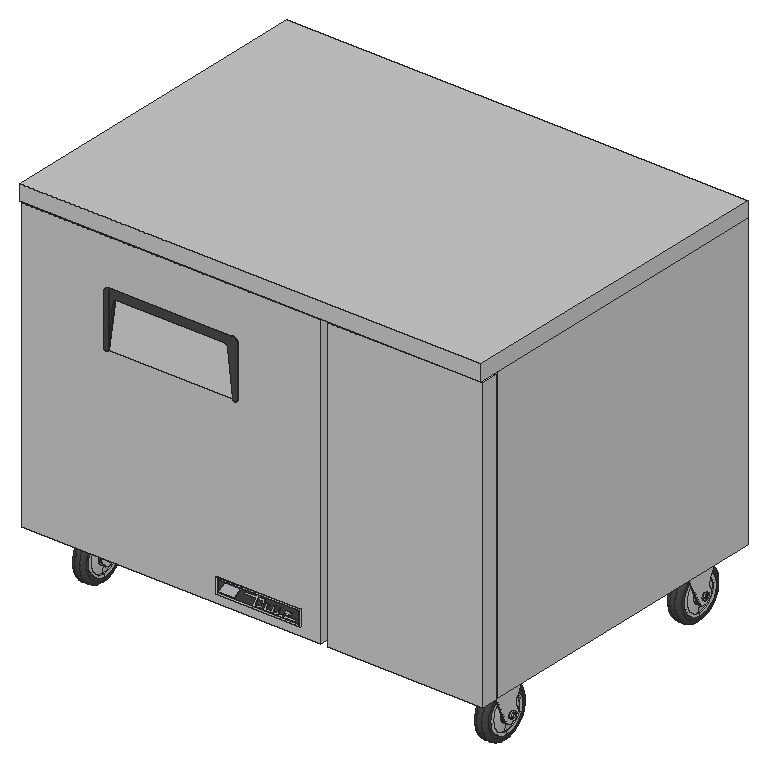
Revit family "QF_TRUE_TUC-44-HC", category Specialty Equipment, Revit 2016
Family settings
  Part Type = Normal
  Round Connector Dimension = Use Diameter
  Work Plane-Based = No
  Always vertical = Yes
  Cut with Voids When Loaded = No
  Shared = Yes
  Room Calculation Point = No
Parameters
  Weight in Pounds = 270
  Watts = FL Amps * Volts  # 195.5 W
  Volts = 115 V
  URL Manufacturer = "www.truemfg.com"
  URL = "www.truemfg.com"
  Type Mark [instance] = ""
  Status [instance] = ""
  Show Seismic Flanged [instance] = no
  Show Legs [instance] = no
  Seismic Flanged [instance] = and(not(Show Casters), Show Seismic Flanged)  # no
  Length = 44 1/2"
  Legs [instance] = and(not(Show Casters), or(Show Legs, Show Seismic Flanged))  # no
  Specification by User [instance] = ""
  Specification by Manufacturer = ""
  Show Logo [instance] = yes
  Show Clearance [instance] = yes
  Show Casters [instance] = and(not(Show Seismic Flanged), not(Show Legs))  # yes
  Serial Number = ""
  Seismic Rating = ""
  SMACNA No = ""
  Revision Code [instance] = ""
  Phase = 1
  Omniclass Number and Title = ""
  Number of Poles [instance] = 1
  NAFEM Spec ID Number = ""
  Model = "TUC-44-HC"
  Min Ckt Ampacity = 0 A
  Max Overcurrent Protection = 0 A
  MasterSpec. = ""
  Manufacturer = "TRUE"
  Item Number [instance] = ""
  Installed By [instance] = ""
  Identify Quantity as Lot [instance] = yes
  Height = 35 15/16"
  HP = "1/10"
  Furnished By [instance] = ""
  Foodservice Equipment Identifier [instance] = yes
  FL Amps = 1.7 A
  Electrical Remarks = ""
  Electric Connection Type [instance] = ""
  Elec Conn RI Height [instance] = 0"
  Elec Conn Connection Height [instance] = 0"
  Description = "SOLID DOOR REFRIGERATOR WITH HYDROCARBON REFRIGERANT"
  Depth = 32 1/4"
  Cycle = 60 Hz
  Conn Plug = "NEMA 5-15P"
  Conn Conduit = yes
  CSI MasterFormat = ""
  CSI Master Format = ""
  Base Height [instance] = if(Show Casters, 6 3/16", if(Legs, 6", 6 1/4"))  # 6 3/16"
  Apparent Power = if(Phase = 3, Volts * FL Amps * 1.73, Volts * FL Amps)  # 195.5 VA
Reference planes (in)
  plane 1 "BACK": y = -16.5
  plane 2: z = 0
  plane 3 "LEFT": x = 0
  plane 4 "RIGHT": x = 44.5
  plane 5 "FRONT": y = -51.25
  plane 6 "TOP": z = 35.9375
  plane 7: z = 6.1875
  plane 8: y = -69.375
  plane 9: y = -49.75
  plane 10: y = -17.5
  plane 11: y = -21.74082
  plane 12: x = 22.25
Dimensions and locks (in)
  "Length": plane 3 "LEFT" to plane 4 "RIGHT"
  plane 4 "RIGHT" to plane 3 "LEFT" = 44 1/2"
  plane 5 "FRONT" to plane 1 "BACK" = 34 3/4"  (x2)
  plane 1 "BACK" to plane 8 = 52 7/8"
  locked: plane 9 to plane 5 "FRONT" at 1.5
  "Depth": plane 10 to plane 9
  "Base Height": plane 7 to level
  locked: plane 6 "TOP" to plane 7 at 29.75
  plane 6 "TOP" to level = 35 15/16"
  equal spacing: plane 3 "LEFT", plane 12, plane 4 "RIGHT"
  aligned and locked: level to plane 2
  aligned and locked: plane 3 "LEFT" to nested 1  (x2)
  aligned and locked: plane 7 to nested 1
  aligned and locked: nested 1 to plane 7
Nested families (in)
  nested 1: "TUC-44-HC" at (0, 0, 2.1875), Show Logo <- "Show Logo", Show Clearance <- "Show Clearance", type "TUC-44-HC"
    with Show Logo yes, Show Clearance yes
  nested 2: "CASTERS" at (2.84375, -21.74082, 0), Show 6" Casters <- "Show Casters", type "CASTERS"
    with Type Mark "", Status "", Specification by User "", Show 6" Casters yes, Revision Code "", Item Number "", Installed By "", Identify Quantity as Lot yes, Furnished By "", Foodservice Equipment Identifier yes
  nested 3: "CASTERS" at (2.84375, -45.06531, 0), Show 6" Casters <- "Show Casters", type "CASTERS"
    with Type Mark "", Status "", Specification by User "", Show 6" Casters yes, Revision Code "", Item Number "", Installed By "", Identify Quantity as Lot yes, Furnished By "", Foodservice Equipment Identifier yes
  nested 4: "CASTERS" at (41.65625, -21.74082, 0), Show 6" Casters <- "Show Casters", type "CASTERS"
    with Type Mark "", Status "", Specification by User "", Show 6" Casters yes, Revision Code "", Item Number "", Installed By "", Identify Quantity as Lot yes, Furnished By "", Foodservice Equipment Identifier yes
  nested 5: "CASTERS" at (41.65625, -45.06531, 0), Show 6" Casters <- "Show Casters", type "CASTERS"
    with Type Mark "", Status "", Specification by User "", Show 6" Casters yes, Revision Code "", Item Number "", Installed By "", Identify Quantity as Lot yes, Furnished By "", Foodservice Equipment Identifier yes
  nested 6: "CASTERS & LEGS" at (2.84375, -21.74082, 0), Seismic Plate <- "Seismic Flanged", Legs <- "Legs", type "CASTERS & LEGS"
    with Type Mark "", Status "", Specification by User "", Seismic Plate no, Revision Code "", Legs no, Item Number "", Installed By "", Identify Quantity as Lot yes, Furnished By "", Foodservice Equipment Identifier yes
  nested 7: "CASTERS & LEGS" at (41.65625, -21.74082, 0), Seismic Plate <- "Seismic Flanged", Legs <- "Legs", type "CASTERS & LEGS"
    with Type Mark "", Status "", Specification by User "", Seismic Plate no, Revision Code "", Legs no, Item Number "", Installed By "", Identify Quantity as Lot yes, Furnished By "", Foodservice Equipment Identifier yes
  nested 8: "CASTERS & LEGS" at (41.65625, -45.06531, 0), Seismic Plate <- "Seismic Flanged", Legs <- "Legs", type "CASTERS & LEGS"
    with Type Mark "", Status "", Specification by User "", Seismic Plate no, Revision Code "", Legs no, Item Number "", Installed By "", Identify Quantity as Lot yes, Furnished By "", Foodservice Equipment Identifier yes
  nested 9: "CASTERS & LEGS" at (2.85404, -45.06531, 0), Seismic Plate <- "Seismic Flanged", Legs <- "Legs", type "CASTERS & LEGS"
    with Type Mark "", Status "", Specification by User "", Seismic Plate no, Revision Code "", Legs no, Item Number "", Installed By "", Identify Quantity as Lot yes, Furnished By "", Foodservice Equipment Identifier yes
Connectors (in)
  electrical at (41.00321, -17.5, 11.9375), driven by "Volts", driven by "Watts"
    settings: on nested 1, index 1, voltage 115 V, apparent load 195.5 VA, apparent load phase1 0 VA, apparent load phase2 0 VA, apparent load phase3 0 VA, power factor 1, load classification "Other", number of poles 1, system type 30, power factor state 1, is connector primary yes, connector utility no, sub classification motor no, connector description "ELECTRICAL CONNECTION"
Definition of nested family "TUC-44-HC"
  Parameters (values of type "TUC-44-SPEC1")
    URL = ""
    Show Logo [instance] = yes
    Show Clearance [instance] = yes
    Model = ""
    Manufacturer = ""
    Description = ""
    Assembly Code = ""
  Reference planes (in)
    plane 1 "BACK": y = -16.5
    plane 2: z = 0
    plane 3 "LEFT": x = 0
    plane 4 "RIGHT": x = 44.5
    plane 5 "FRONT": y = -51.25
    plane 6 "TOP": z = 33.75
    plane 7: z = 4
    plane 8: y = -41.06531
    plane 9: x = 22.25
    plane 10: z = 27.63
    plane 11: z = 22.15093
    plane 12: y = -49.6875
    plane 13: x = 14.45727
  Forms (in)
    Extrusion 1, solid
      sketch origin (0, -1, -2.25) x (0, 1, 0) y (0, 0, 1)
        loop
          line (-48.6875, 36) -> (-48.6875, 34.5) -> (-16.5, 34.5) -> (-16.5, 36) -> (-48.6875, 36)
      from 0 to 44.5
    Extrusion 2, solid
      sketch origin (0, -1, -2.25) x (0, 1, 0) y (0, 0, 1)
        loop
          line (-46.62, 34.5) -> (-46.62, 6.25) -> (-16.5, 6.25) -> (-16.5, 34.5) -> (-46.62, 34.5)
      from 0 to 44.5
    Extrusion 3, solid
      sketch origin (10.5, -16.5, -2.25) x (1, 0, 0) y (0, 0, 1)
        loop
          line (-10.5, 34.28323) -> (-10.5, 6.25) -> (18.41455, 6.25) -> (18.41455, 34.28323) -> (-10.5, 34.28323)
      from 31.44201 to 33
    Extrusion 4, solid
      sketch origin (0, 2.875, -2.25) x (0, 1, 0) y (0, 0, 1)
        loop
          line (-50.81701, 33.8406) -> (-50.81701, 6.82675) -> (-50.495, 6.82675) -> (-50.495, 33.8406) -> (-50.81701, 33.8406)
      from 0.5 to 44
    Extrusion 5, solid
      sketch origin (0, -16.5, -2.25) x (1, 0, 0) y (0, 0, 1)
        loop
          line (23.5, 6.25) -> (23.5, 4.375) -> (36.25, 4.375) -> (36.25, 6.25) -> (23.5, 6.25)
      from 1.69409 to 21.69409
    Extrusion 6, solid
      sketch origin (-1.16554, -17.5, -2.25) x (1, 0, 0) y (0, 0, 1)
        loop
          circle (42.16875, 12) r 0.25
      from 0 to 0.0625
    Revolve 7, solid
      sketch origin (0, -16.5155, 21) x (1, 0, 0) y (0, 1, 0)
        loop
          line (38.72703, -0.9845) -> (39.19578, -0.9845) -> (39.19578, 0.0155) -> (38.72703, 0.0155) -> (38.72703, -0.9845)
        axis (38.72703, -0.9845) -> (38.72703, 0.0155)
      angle from 0 to 360
    Revolve 8, solid
      sketch origin (-12.93057, -16.5155, 21) x (1, 0, 0) y (0, 1, 0)
        loop
          line (18.64104, -0.9845) -> (19.10979, -0.9845) -> (19.10979, 0.0155) -> (18.64104, 0.0155) -> (18.64104, -0.9845)
        axis (18.64104, -0.9845) -> (18.64104, 0.0155)
      angle from 0 to 360
    Extrusion 9, solid
      sketch origin (37.875, -16.5, -2.25) x (-1, 0, 0) y (0, 0, -1)
        loop
          line (-6.625, -34.28323) -> (8.34375, -34.28323) -> (8.34375, -6.25) -> (-6.625, -6.25) -> (-6.625, -34.28323)
      from 31.44201 to 33
    Extrusion 10, solid, visible <- "Show Clearance", detail levels coarse
      sketch origin (17.8682, -37.72639, 0) x (-1, 0, 0) y (0, -1, 0)
        loop
          line (17.8682, 11.77361) -> (17.8682, 40.68816)
          arc (17.8682, 40.68816) -> (-2.57748, 32.21929) -> (-11.04635, 11.77361) r 28.91455
          line (-11.04635, 11.77361) -> (17.8682, 11.77361)
      from 4 to 32.03323
    Extrusion 11, void
      sketch origin (14.45727, -16.90709, 48) x (0, -1, 0) y (0, 0, 1)
        loop
          line (32.59291, -20.37) -> (31.52391, -20.37) -> (32.59291, -25.84907) -> (32.59291, -20.37)
      from -6 to 6
    Extrusion 12, solid
      sketch origin (2.45727, -49.5, 0) x (1, 0, 0) y (0, 0, 1)
        loop
          line (5.52833, 27.13) -> (5.52833, 22.36054)
          arc (5.52833, 22.36054) -> (5.74774, 22.11831) -> (6.01044, 22.31274) r 0.24342
          line (6.01044, 22.31274) -> (6.44945, 26.42717)
          arc (6.44945, 26.42717) -> (6.61215, 26.74648) -> (6.94671, 26.87491) r 0.5
          line (6.94671, 26.87491) -> (17.05329, 26.87491)
          arc (17.05329, 26.87491) -> (17.38785, 26.74648) -> (17.55055, 26.42717) r 0.5
          line (17.55055, 26.42717) -> (17.98956, 22.31274)
          arc (17.98956, 22.31274) -> (18.25226, 22.11831) -> (18.47166, 22.36054) r 0.24342
          line (18.47166, 22.36054) -> (18.47166, 27.13)
          arc (18.47166, 27.13) -> (18.32522, 27.48356) -> (17.97166, 27.63) r 0.5
          line (17.97166, 27.63) -> (6.02833, 27.63)
          arc (6.02833, 27.63) -> (5.67478, 27.48356) -> (5.52833, 27.13) r 0.5
      from 0 to 0.0625
  Cuts and joins
    Extrusion 11 cuts Extrusion 3
  Lines and regions (in)
    Split face 1
      outline origin (37.875, -49.5, -2.25) x (-1, 0, 0) y (0, 0, -1)
        loop
          line (7.72481, -20.60657) -> (7.72481, -7.35657) -> (-5.77519, -7.35657) -> (-5.77519, -20.60657) -> (7.72481, -20.60657)
    symbolic lines
      curve 1: line (0, -17.5, 0) -> (44.5, -17.5, 0)
      curve 2: line (44.5, -49.75, 0) -> (0, -49.75, 0)
      curve 3: line (44.5, -17.5, 0) -> (44.5, -49.75, 0)
      curve 4: line (6.17922, -16.5, 0) -> (5.24172, -16.5, 0)
      curve 5: line (6.17922, -16.5, 0) -> (6.17922, -17.5, 0)
      curve 6: line (5.24172, -16.5, 0) -> (5.24172, -17.5, 0)
      curve 7: line (38.25828, -16.5, 0) -> (39.19578, -16.5, 0)
      curve 8: line (38.25828, -16.5, 0) -> (38.25828, -17.5, 0)
      curve 9: line (39.19578, -16.5, 0) -> (39.19578, -17.5, 0)
      curve 10: line (0, -17.5, 0) -> (0, -49.75, 0)
      curve 12: arc (25.04073, -63.95727, 0) -> (27.92931, -56.98364, 0) -> (28.91455, -49.5, 0) r 28.91455
    symbolic lines, visible <- "Show Clearance", detail levels coarse
      curve 11: line (25.04073, -63.95727, 0) -> (0.43301, -49.75, 0)
  Dimensions and locks (in)
    plane 3 "LEFT" to plane 4 "RIGHT" = 44 1/2"
    plane 4 "RIGHT" to plane 3 "LEFT" = 44 1/2"
    plane 6 "TOP" to level = 33 3/4"
    plane 5 "FRONT" to plane 1 "BACK" = 34 3/4"  (x2)
    plane 7 to level = 4"
    plane 6 "TOP" to plane 7 = 29 3/4"
    equal spacing: plane 3 "LEFT", plane 9, plane 4 "RIGHT"
    Extrusion 3 to plane 3 "LEFT" = 0"
    Extrusion 1 to plane 12 = 32 3/16"
    plane 12 to Extrusion 2 = 32 3/16"
    aligned and locked: level to plane 2
    aligned and locked: plane 4 "RIGHT" to Extrusion 1
    aligned and locked: Extrusion 1 to plane 3 "LEFT"
  Automatic sketch dimensions
    curve 10 to plane 3 "LEFT" = 0"
    plane 1 "BACK" to curve 4 = 0"
    plane 1 "BACK" to curve 8 = 0"
    curve 2 to plane 4 "RIGHT" = 0"
    plane 3 "LEFT" to curve 4 = 5.24172"
    curve 4 to curve 5 = 15/16"
    curve 11 to plane 9 = 2.79073"
    curve 8 to plane 4 "RIGHT" = 6.24172"
    curve 7 to curve 7 = 15/16"
    plane 1 "BACK" to curve 10 = 1"
    plane 3 "LEFT" to curve 11 = 0.43301"
    plane 1 "BACK" to Extrusion 1 sketch curve = 1"
    Extrusion 1 sketch curve to plane 6 "TOP" = 1 1/2"
    Extrusion 2 sketch curve to plane 7 = 0"
    plane 1 "BACK" to Extrusion 2 sketch curve = 1"
    Extrusion 2 sketch curve to plane 6 "TOP" = 1 1/2"
    plane 7 to Extrusion 4 sketch curve = 0.57675"
    Extrusion 4 sketch curve to Extrusion 4 sketch curve = 0.32201"
    Extrusion 4 sketch curve to plane 6 "TOP" = 2.1594"
    Extrusion 5 sketch curve to plane 7 = 0"
    Extrusion 5 sketch curve to plane 7 = 1 7/8"
    Extrusion 5 sketch curve to plane 9 = 1 1/4"
    Extrusion 5 sketch curve to plane 9 = 14"
    Extrusion 6 sketch curve to plane 4 "RIGHT" = 3.49679"
    plane 7 to Extrusion 6 sketch curve = 5 3/4"
    plane 1 "BACK" to Revolve 7 sketch curve = 0"  (x2)
    plane 1 "BACK" to Revolve 7 sketch curve = 1"
    Revolve 7 sketch curve to plane 4 "RIGHT" = 5.77297"
    Revolve 7 sketch curve to Revolve 7 sketch curve = 15/32"
    Revolve 7 sketch curve to Revolve 7 sketch curve = 0"
    Revolve 7 sketch curve to plane 1 "BACK" = 1/4"
    plane 1 "BACK" to Revolve 8 sketch curve = 0"
    plane 1 "BACK" to Revolve 8 sketch curve = 1"
    plane 3 "LEFT" to Revolve 8 sketch curve = 5.71047"
    Revolve 8 sketch curve to Revolve 8 sketch curve = 15/32"
    Revolve 8 sketch curve to Revolve 8 sketch curve = 0"
    Revolve 8 sketch curve to Revolve 8 sketch curve = 0.0155"
    Revolve 8 sketch curve to plane 1 "BACK" = 0.2345"
    Extrusion 11 sketch curve to plane 10 = 0"
    Extrusion 11 sketch curve to plane 11 = 0"
    plane 8 to Extrusion 11 sketch curve = 7.36569"
    plane 3 "LEFT" to Extrusion 12 sketch curve = 7.98561"
    Extrusion 12 sketch curve to Extrusion 12 sketch curve = 0.24342"  (x2)
    Extrusion 12 sketch curve to Extrusion 12 sketch curve = 0.23868"  (x2)
    Extrusion 12 sketch curve to Extrusion 12 sketch curve = 1/2"
    Extrusion 12 sketch curve to Extrusion 12 sketch curve = 0.42112"
    Extrusion 12 sketch curve to Extrusion 12 sketch curve = 0.49726"  (x2)
    plane 9 to Extrusion 12 sketch curve = 2.73944"
    Extrusion 12 sketch curve to Extrusion 12 sketch curve = 0.91838"
    Extrusion 12 sketch curve to Extrusion 12 sketch curve = 0.43901"
    Extrusion 12 sketch curve to plane 6 "TOP" = 11.43726"  (x2)
    Extrusion 12 sketch curve to Extrusion 12 sketch curve = 4.06217"  (x2)
    Extrusion 12 sketch curve to Extrusion 12 sketch curve = 0.05226"
    Extrusion 12 sketch curve to Extrusion 12 sketch curve = 0.70283"
    Extrusion 9 sketch curve to plane 4 "RIGHT" = 0"
    Extrusion 9 sketch curve to plane 7 = 0"
    Extrusion 9 sketch curve to plane 6 "TOP" = 1.71677"
    Extrusion 9 sketch curve to plane 9 = 7 9/32"
    Extrusion 3 sketch curve to plane 3 "LEFT" = 0"
    Extrusion 3 sketch curve to plane 7 = 0"
    Extrusion 3 sketch curve to plane 6 "TOP" = 1.71677"
    Extrusion 3 sketch curve to plane 9 = 6.66455"
    Extrusion 10 sketch curve to plane 3 "LEFT" = 0"
    Extrusion 10 sketch curve to plane 9 = 6.66455"
    curve 12 to plane 3 "LEFT" = 0"
    curve 2 to curve 12 = 1/4"
    curve 12 to plane 9 = 6.66455"
    curve 12 to plane 5 "FRONT" = 1 3/4"
    Extrusion 2 sketch curve to plane 5 "FRONT" = 3.63"
    Extrusion 4 sketch curve to plane 5 "FRONT" = 3.30799"
    Extrusion 10 sketch curve to plane 5 "FRONT" = 1 3/4"
    Extrusion 11 sketch curve to plane 5 "FRONT" = 1 3/4"
    Extrusion 1 sketch curve to plane 6 "TOP" = 0"
    Extrusion 1 sketch curve to plane 12 = 0"
    Split face 1 sketch curve to Extrusion 9 = 0.84981"
    Split face 1 sketch curve to Extrusion 9 = 0.61894"
    Split face 1 sketch curve to Extrusion 9 = 13.67666"
    Split face 1 sketch curve to Extrusion 9 = 1.10657"
    radius of Extrusion 6 sketch curve = 1/4"
  Nested families (in)
    nested 1: "QF_LOGO_TRUE" at (18.85205, -49.5, 4.84725), Show Logo <- "Show Logo", type "QF_LOGO_TRUE", detail levels medium+fine
      with Show Logo yes
  Definition of nested family "QF_LOGO_TRUE"
    Parameters (values of type "QF_LOGO_TRUE")
      Show Logo [instance] = yes
    Reference planes (in)
      plane 1 "Center (Front/Back)": y = 0
      plane 2: z = 0
      plane 3 "Center (Left/Right)": x = 0
    Forms (in)
      Extrusion 1, solid, visible <- "Show Logo"
        sketch origin (-78.34647, 34.76905, -30.51001) x (1, 0, 0) y (0, 0, 1)
          loop
            line (81.15226, 31.65456) -> (81.07353, 31.48573) -> (82.12083, 31.48573)
            arc (82.12083, 31.48573) -> (82.14208, 31.44814) -> (82.12083, 31.41055) r 0.04386
            line (82.12083, 31.41055) -> (81.84767, 30.82478)
            arc (81.84767, 30.82478) -> (81.84531, 30.77052) -> (81.882, 30.73048) r 0.07096
            line (81.882, 30.73048) -> (82.55165, 30.73048)
            arc (82.55165, 30.73048) -> (82.63621, 30.75714) -> (82.69019, 30.82748) r 0.14742
            line (82.69019, 30.82748) -> (82.90515, 31.28847) -> (83.10265, 31.28847)
            arc (83.10265, 31.28847) -> (83.15447, 31.26942) -> (83.14697, 31.21472) r 0.04405
            line (83.14697, 31.21472) -> (82.9671, 30.82899)
            arc (82.9671, 30.82899) -> (82.9699, 30.76493) -> (83.02398, 30.73048) r 0.06943
            line (83.02398, 30.73048) -> (83.6124, 30.73048)
            arc (83.6124, 30.73048) -> (83.65748, 30.74689) -> (83.68147, 30.78844) r 0.07014
            arc (83.68147, 30.78844) -> (83.69845, 30.74745) -> (83.73943, 30.73048) r 0.05796
            line (83.73943, 30.73048) -> (84.112, 30.73048)
            arc (84.112, 30.73048) -> (84.15504, 30.74201) -> (84.18655, 30.77352) r 0.08608
            arc (84.18655, 30.77352) -> (84.20164, 30.7371) -> (84.23806, 30.72202) r 0.0515
            line (84.23806, 30.72202) -> (84.76757, 30.72202)
            arc (84.76757, 30.72202) -> (84.81086, 30.73995) -> (84.8288, 30.78324) r 0.06122
            arc (84.8288, 30.78324) -> (84.86848, 30.74355) -> (84.92269, 30.72903) r 0.10842
            line (84.92269, 30.72903) -> (85.91461, 30.72903) -> (86.02479, 30.91987) -> (85.0243, 30.91987)
            arc (85.0243, 30.91987) -> (84.99669, 30.93902) -> (84.99566, 30.97261) r 0.03732
            line (84.99566, 30.97261) -> (85.01297, 31.00972)
            arc (85.01297, 31.00972) -> (85.03954, 31.04453) -> (85.0813, 31.05774) r 0.07263
            line (85.0813, 31.05774) -> (85.40289, 31.05774)
            arc (85.40289, 31.05774) -> (85.4723, 31.07633) -> (85.52311, 31.12715) r 0.13882
            line (85.52311, 31.12715) -> (85.61625, 31.28847)
            arc (85.61625, 31.28847) -> (85.61625, 31.37458) -> (85.54168, 31.41763) r 0.08611
            line (85.54168, 31.41763) -> (85.20227, 31.41763)
            arc (85.20227, 31.41763) -> (85.11574, 31.40294) -> (85.05538, 31.33923) r 0.13863
            line (85.05538, 31.33923) -> (84.89409, 30.99333)
            arc (84.89409, 30.99333) -> (84.84649, 30.9313) -> (84.77191, 30.90778) r 0.13002
            line (84.77191, 30.90778) -> (84.41984, 30.90778)
            arc (84.41984, 30.90778) -> (84.3777, 30.95378) -> (84.38042, 31.0161) r 0.08151
            line (84.38042, 31.0161) -> (84.56766, 31.41763) -> (84.44849, 31.41763) -> (84.25012, 30.99222)
            arc (84.25012, 30.99222) -> (84.21158, 30.94199) -> (84.15119, 30.92296) r 0.10527
            line (84.15119, 30.92296) -> (83.90842, 30.92296)
            arc (83.90842, 30.92296) -> (83.8674, 30.97642) -> (83.87619, 31.04323) r 0.08805
            line (83.87619, 31.04323) -> (84.05078, 31.41763) -> (83.92772, 31.41763) -> (83.72676, 30.98668)
            arc (83.72676, 30.98668) -> (83.68011, 30.94003) -> (83.61639, 30.92296) r 0.12745
            line (83.61639, 30.92296) -> (83.26484, 30.92296)
            arc (83.26484, 30.92296) -> (83.2017, 30.9524) -> (83.19563, 31.0218) r 0.06967
            line (83.19563, 31.0218) -> (83.31118, 31.26961) -> (83.47452, 31.26961)
            arc (83.47452, 31.26961) -> (83.50209, 31.35268) -> (83.56075, 31.41763) r 0.21289
            line (83.56075, 31.41763) -> (82.92244, 31.41763)
            arc (82.92244, 31.41763) -> (82.85151, 31.40191) -> (82.80242, 31.34834) r 0.12081
            line (82.80242, 31.34834) -> (82.6294, 30.9773)
            arc (82.6294, 30.9773) -> (82.58962, 30.93752) -> (82.53528, 30.92296) r 0.10869
            line (82.53528, 30.92296) -> (82.1542, 30.92296)
            arc (82.1542, 30.92296) -> (82.12446, 30.96315) -> (82.13012, 31.01283) r 0.06822
            line (82.13012, 31.01283) -> (82.38156, 31.48573) -> (83.01596, 31.48573) -> (83.09469, 31.65456) -> (82.46029, 31.65456) -> (82.53902, 31.8234) -> (82.31334, 31.8234) -> (82.23461, 31.65456) -> (81.15226, 31.65456)
          loop
            arc (85.15937, 31.26434) -> (85.13191, 31.25698) -> (85.1118, 31.23688) r 0.05494
            line (85.1118, 31.23688) -> (85.09547, 31.18665)
            arc (85.09547, 31.18665) -> (85.10304, 31.16837) -> (85.12133, 31.16079) r 0.02586
            line (85.12133, 31.16079) -> (85.39889, 31.16079)
            arc (85.39889, 31.16079) -> (85.41888, 31.16523) -> (85.43513, 31.1777) r 0.04731
            line (85.43513, 31.1777) -> (85.44863, 31.2402)
            arc (85.44863, 31.2402) -> (85.44466, 31.25693) -> (85.42914, 31.26434) r 0.01994
            line (85.42914, 31.26434) -> (85.15937, 31.26434)
          loop
            line (78.62961, 30.74125) -> (80.12032, 30.74125) -> (80.73891, 31.81268) -> (79.2482, 31.81268) -> (78.62961, 30.74125)
        from 34.76797 to 34.83173
      Extrusion 2, solid, visible <- "Show Logo"
        sketch origin (-142.84857, 34.75108, -33.3546) x (1, 0, 0) y (0, 0, 1)
          loop
            line (150.81107, 34.71978) -> (142.98607, 34.71978) -> (142.98607, 33.4921) -> (150.81107, 33.4921) -> (150.81107, 34.71978)
        from 34.75108 to 34.78125
      Extrusion 3, solid, visible <- "Show Logo"
        sketch origin (-142.84857, 34.75108, -33.3546) x (1, 0, 0) y (0, 0, 1)
          loop
            line (150.94857, 34.85727) -> (142.84857, 34.85727) -> (142.84857, 33.3546) -> (150.94857, 33.3546) -> (150.94857, 34.85727)
          loop
            line (142.98607, 34.71978) -> (142.98607, 33.4921) -> (150.81107, 33.4921) -> (150.81107, 34.71978) -> (142.98607, 34.71978)
        from 34.75108 to 34.81376
      Extrusion 4, solid, not visible
        sketch origin (121.45701, -16.5, 4.98235) x (1, 0, 0) y (0, 0, 1)
          loop
            line (25.20115, 35.89949) -> (25.20115, 33.96647) -> (30.95381, 33.96647) -> (30.95381, 35.89949) -> (25.20115, 35.89949)
        from 31.5 to 31.54261
      Extrusion 5, solid, not visible
        sketch origin (121.45701, -16.5, 4.98235) x (1, 0, 0) y (0, 0, 1)
          loop
            line (26.7387, 34.95472) -> (26.61492, 34.49276) -> (27.038, 34.49276)
            arc (27.038, 34.49276) -> (27.13117, 34.52484) -> (27.18485, 34.60749) r 0.15134
            arc (27.18485, 34.60749) -> (27.20396, 34.68138) -> (27.22435, 34.75493) r 4.37326
            arc (27.22435, 34.75493) -> (27.23458, 34.81765) -> (27.22435, 34.88037) r 0.1974
            arc (27.22435, 34.88037) -> (27.18247, 34.93579) -> (27.11563, 34.95472) r 0.10914
            line (27.11563, 34.95472) -> (26.7387, 34.95472)
          loop
            line (26.90201, 34.80638) -> (26.84645, 34.59903) -> (26.92855, 34.59903)
            arc (26.92855, 34.59903) -> (26.98205, 34.6185) -> (27.01051, 34.6678) r 0.08322
            line (27.01051, 34.6678) -> (27.02399, 34.74424)
            arc (27.02399, 34.74424) -> (27.01491, 34.78454) -> (26.97985, 34.80638) r 0.05353
            line (26.97985, 34.80638) -> (26.90201, 34.80638)
          loop
            line (27.45336, 34.66131) -> (27.76233, 34.66131) -> (27.78859, 34.73909)
            arc (27.78859, 34.73909) -> (27.7878, 34.82039) -> (27.73107, 34.87864) r 0.10925
            arc (27.73107, 34.87864) -> (27.68233, 34.8944) -> (27.63139, 34.89974) r 0.24595
            line (27.63139, 34.89974) -> (27.46708, 34.89974)
            arc (27.46708, 34.89974) -> (27.4068, 34.88073) -> (27.3535, 34.84677) r 0.2421
            arc (27.3535, 34.84677) -> (27.2897, 34.76363) -> (27.26702, 34.66131) r 0.2421
            line (27.26702, 34.66131) -> (27.26702, 34.54477)
            arc (27.26702, 34.54477) -> (27.31618, 34.4956) -> (27.38334, 34.47761) r 0.13431
            line (27.38334, 34.47761) -> (27.59054, 34.47761)
            arc (27.59054, 34.47761) -> (27.63459, 34.48281) -> (27.67622, 34.49812) r 0.18924
            line (27.67622, 34.49812) -> (27.73102, 34.61563)
            arc (27.73102, 34.61563) -> (27.68453, 34.59565) -> (27.63566, 34.58252) r 0.35376
            arc (27.63566, 34.58252) -> (27.55885, 34.56956) -> (27.48204, 34.58252) r 0.23415
            arc (27.48204, 34.58252) -> (27.44492, 34.61362) -> (27.45336, 34.66131) r 0.04838
          loop
            line (27.4842, 34.73042) -> (27.62012, 34.73042) -> (27.62621, 34.76496)
            arc (27.62621, 34.76496) -> (27.58961, 34.80242) -> (27.53739, 34.80638) r 0.0742
            arc (27.53739, 34.80638) -> (27.49747, 34.77773) -> (27.4842, 34.73042) r 0.0742
          loop
            line (27.91616, 34.97572) -> (27.78675, 34.49276) -> (27.98645, 34.49276) -> (28.11586, 34.97572) -> (27.91616, 34.97572)
          loop
            line (28.13678, 34.66131) -> (28.08755, 34.47761) -> (28.27134, 34.47761) -> (28.32056, 34.66131) -> (28.43674, 34.66131) -> (28.47974, 34.78864) -> (28.36519, 34.78864)
            arc (28.36519, 34.78864) -> (28.35733, 34.81649) -> (28.36921, 34.84288) r 0.04231
            arc (28.36921, 34.84288) -> (28.431, 34.8652) -> (28.49617, 34.85686) r 0.13988
            line (28.49617, 34.85686) -> (28.53544, 34.97317)
            arc (28.53544, 34.97317) -> (28.39725, 34.99096) -> (28.25905, 34.97317) r 0.54546
            arc (28.25905, 34.97317) -> (28.20849, 34.91994) -> (28.18197, 34.85147) r 0.1894
            line (28.18197, 34.85147) -> (28.17089, 34.78864) -> (28.11397, 34.78864) -> (28.07985, 34.66131) -> (28.13678, 34.66131)
          loop
            arc (28.74846, 34.89756) -> (28.65884, 34.88533) -> (28.56922, 34.89756) r 0.33455
            line (28.56922, 34.89756) -> (28.45669, 34.47761) -> (28.63593, 34.47761) -> (28.74846, 34.89756)
          loop
            arc (28.60398, 35.01195) -> (28.57699, 34.97173) -> (28.60398, 34.9315) r 0.04347
            line (28.60398, 34.9315) -> (28.75755, 34.9315)
            arc (28.75755, 34.9315) -> (28.78645, 34.96687) -> (28.77911, 35.01195) r 0.0556
            line (28.77911, 35.01195) -> (28.60398, 35.01195)
          loop
            line (28.95336, 34.66131) -> (29.26233, 34.66131) -> (29.28859, 34.73909)
            arc (29.28859, 34.73909) -> (29.2878, 34.82039) -> (29.23107, 34.87864) r 0.10925
            arc (29.23107, 34.87864) -> (29.18233, 34.8944) -> (29.13139, 34.89974) r 0.24595
            line (29.13139, 34.89974) -> (28.96708, 34.89974)
            arc (28.96708, 34.89974) -> (28.9068, 34.88073) -> (28.8535, 34.84677) r 0.2421
            arc (28.8535, 34.84677) -> (28.7897, 34.76363) -> (28.76702, 34.66131) r 0.2421
            line (28.76702, 34.66131) -> (28.76702, 34.54477)
            arc (28.76702, 34.54477) -> (28.81618, 34.4956) -> (28.88334, 34.47761) r 0.13431
            line (28.88334, 34.47761) -> (29.09054, 34.47761)
            arc (29.09054, 34.47761) -> (29.13459, 34.48281) -> (29.17622, 34.49812) r 0.18924
            line (29.17622, 34.49812) -> (29.23102, 34.61563)
            arc (29.23102, 34.61563) -> (29.18453, 34.59565) -> (29.13566, 34.58252) r 0.35376
            arc (29.13566, 34.58252) -> (29.05885, 34.56956) -> (28.98204, 34.58252) r 0.23415
            arc (28.98204, 34.58252) -> (28.94492, 34.61362) -> (28.95336, 34.66131) r 0.04838
          loop
            line (28.9842, 34.73042) -> (29.12012, 34.73042) -> (29.12621, 34.76496)
            arc (29.12621, 34.76496) -> (29.08961, 34.80242) -> (29.03739, 34.80638) r 0.0742
            arc (29.03739, 34.80638) -> (28.99747, 34.77773) -> (28.9842, 34.73042) r 0.0742
          loop
            line (29.41616, 34.97572) -> (29.28675, 34.49276) -> (29.48645, 34.49276) -> (29.61586, 34.97572) -> (29.41616, 34.97572)
          loop
            line (29.99836, 34.97572) -> (29.95192, 34.80242)
            arc (29.95192, 34.80242) -> (29.94473, 34.85705) -> (29.90102, 34.89059) r 0.07199
            arc (29.90102, 34.89059) -> (29.80023, 34.89941) -> (29.70251, 34.87322) r 0.29131
            arc (29.70251, 34.87322) -> (29.61806, 34.7652) -> (29.5896, 34.63108) r 0.30433
            line (29.5896, 34.63108) -> (29.5896, 34.55572)
            arc (29.5896, 34.55572) -> (29.61075, 34.50463) -> (29.66184, 34.48348) r 0.07224
            line (29.66184, 34.48348) -> (29.78537, 34.48348)
            arc (29.78537, 34.48348) -> (29.83854, 34.51313) -> (29.88504, 34.55243) r 0.31609
            line (29.88504, 34.55243) -> (29.86905, 34.49276) -> (30.05973, 34.49276) -> (30.18914, 34.97572) -> (29.99836, 34.97572)
          loop
            arc (29.84537, 34.75931) -> (29.79424, 34.71128) -> (29.77745, 34.64317) r 0.12371
            arc (29.77745, 34.64317) -> (29.80071, 34.59901) -> (29.85056, 34.59647) r 0.05045
            arc (29.85056, 34.59647) -> (29.90141, 34.64047) -> (29.92536, 34.7033) r 0.13769
            arc (29.92536, 34.7033) -> (29.90211, 34.75521) -> (29.84537, 34.75931) r 0.05543
          loop
            line (26.45047, 35.26762) -> (26.58211, 35.26762)
            arc (26.58211, 35.26762) -> (26.60467, 35.30821) -> (26.62126, 35.35157) r 0.3277
            arc (26.62126, 35.35157) -> (26.62714, 35.39992) -> (26.60877, 35.44503) r 0.09693
            arc (26.60877, 35.44503) -> (26.56454, 35.48868) -> (26.50462, 35.50516) r 0.12312
            arc (26.50462, 35.50516) -> (26.44158, 35.50565) -> (26.37854, 35.50546) r 5.76967
            arc (26.37854, 35.50546) -> (26.07462, 35.42923) -> (25.81045, 35.26076) r 0.97743
            line (25.81045, 35.26076) -> (25.85921, 35.26076)
            arc (25.85921, 35.26076) -> (26.08494, 35.39361) -> (26.3396, 35.45485) r 0.88817
            arc (26.3396, 35.45485) -> (26.41429, 35.44188) -> (26.47267, 35.39352) r 0.14748
            arc (26.47267, 35.39352) -> (26.48041, 35.32725) -> (26.45047, 35.26762) r 0.11636
          loop
            arc (26.35412, 35.17841) -> (26.19578, 35.0555) -> (26.00982, 34.98069) r 0.72453
            arc (26.00982, 34.98069) -> (25.9036, 34.95581) -> (25.79459, 34.9604) r 0.40201
            arc (25.79459, 34.9604) -> (25.7275, 34.98819) -> (25.69972, 35.05528) r 0.09488
            arc (25.69972, 35.05528) -> (25.71867, 35.12629) -> (25.77049, 35.17841) r 0.1425
            line (25.77049, 35.17841) -> (25.73665, 35.18748)
            arc (25.73665, 35.18748) -> (25.67632, 35.09876) -> (25.66924, 34.99171) r 0.20432
            arc (25.66924, 34.99171) -> (25.71443, 34.9227) -> (25.79473, 34.90384) r 0.11116
            arc (25.79473, 34.90384) -> (25.91172, 34.89904) -> (26.02716, 34.91862) r 0.56145
            arc (26.02716, 34.91862) -> (26.27675, 35.021) -> (26.49584, 35.17841) r 1.15683
            line (26.49584, 35.17841) -> (26.35412, 35.17841)
        from 31.54261 to 31.56272
    Dimensions and locks (in)
      aligned and locked: level to plane 2
      aligned and locked: Extrusion 2 to Extrusion 3  (x2)
      aligned and locked: Extrusion 2 sketch curve to Extrusion 3
Definition of nested family "CASTERS"
  Parameters
    Weight = ""
    URL Manufacturer = ""
    URL Cutsheet = ""
    URL = ""
    Type Mark [instance] = ""
    Status [instance] = ""
    Specification by User [instance] = ""
    Specification by Manufacturer = ""
    Show 6" Casters [instance] = yes
    Serial Number = ""
    Seismic Rating = ""
    SMACNA No = ""
    Revision Code [instance] = ""
    Omniclass Number and Title = ""
    NAFEM Spec ID Number = ""
    Model = ""
    MasterSpec. = ""
    Manufacturer = ""
    Item Number [instance] = ""
    Installed By [instance] = ""
    Identify Quantity as Lot [instance] = yes
    Furnished By [instance] = ""
    Foodservice Equipment Identifier [instance] = yes
    Description = ""
    CSI MasterFormat = ""
    CSI Master Format = ""
    Assembly Code = ""
  Reference planes (in)
    plane 1: z = 0
    plane 2 "RIGHT": x = 0
    plane 3 "FRONT": y = 0
    plane 4 "TOP": z = 6.25
  Forms (in)
    Revolve 1, solid, visible <- "Show 6" Casters"
      sketch origin (0, 2.21793, 0.25) x (0, 1, 0) y (0, 0, 1)
        loop
          line (-2.21793, 6) -> (-2.21793, 5.55584) -> (-0.93693, 5.55584) -> (-0.93693, 6) -> (-2.21793, 6)
        axis (-2.21793, 5.55584) -> (-2.21793, 6)
      angle from 0 to 360
    Extrusion 2, solid, visible <- "Show 6" Casters"
      sketch origin (-1.81294, 2.21793, 0) x (0, 1, 0) y (0, 0, 1)
        loop
          line (-3.37793, 5.80584) -> (-3.37793, 5.25584) -> (-3.23369, 5.25584)
          arc (-3.23369, 5.25584) -> (-3.1238, 5.20977) -> (-3.03725, 5.12786) r 0.33195
          line (-3.03725, 5.12786) -> (-1.55521, 1.94961)
          arc (-1.55521, 1.94961) -> (-0.54268, 1.81523) -> (-0.22336, 2.78544) r 0.8
          arc (-0.22336, 2.78544) -> (-0.27816, 2.89808) -> (-0.34988, 3.00079) r 0.8
          arc (-0.34988, 3.00079) -> (-0.37005, 3.3613) -> (-0.26088, 3.70547) r 1
          line (-0.26088, 3.70547) -> (0.31507, 4.78867)
          arc (0.31507, 4.78867) -> (-0.09241, 4.97284) -> (-0.5252, 5.08531) r 2.63
          line (-0.5252, 5.08531) -> (-0.54193, 5.25584) -> (-1.05793, 5.25584) -> (-1.05793, 5.80584) -> (-3.37793, 5.80584)
      from 0.78968 to 0.90247
    Extrusion 3, solid, visible <- "Show 6" Casters"
      sketch origin (0.13094, 2.21793, 0) x (0, 1, 0) y (0, 0, 1)
        loop
          line (-3.37793, 5.80584) -> (-3.37793, 5.25584) -> (-3.23369, 5.25584)
          arc (-3.23369, 5.25584) -> (-3.1238, 5.20977) -> (-3.03725, 5.12786) r 0.33195
          line (-3.03725, 5.12786) -> (-1.55521, 1.94961)
          arc (-1.55521, 1.94961) -> (-0.54268, 1.81523) -> (-0.22336, 2.78544) r 0.8
          arc (-0.22336, 2.78544) -> (-0.27816, 2.89808) -> (-0.34988, 3.00079) r 0.8
          arc (-0.34988, 3.00079) -> (-0.37005, 3.3613) -> (-0.26088, 3.70547) r 1
          line (-0.26088, 3.70547) -> (0.31507, 4.78867)
          arc (0.31507, 4.78867) -> (-0.09241, 4.97284) -> (-0.5252, 5.08531) r 2.63
          line (-0.5252, 5.08531) -> (-0.54193, 5.25584) -> (-1.05793, 5.25584) -> (-1.05793, 5.80584) -> (-3.37793, 5.80584)
      from 0.78968 to 0.90247
    Extrusion 4, solid, visible <- "Show 6" Casters"
      sketch origin (-1.93794, 2.21793, 0) x (0, 1, 0) y (0, 0, 1)
        loop
          line (-3.37793, 5.80584) -> (-3.37793, 5.25584) -> (-3.23369, 5.25584) -> (-0.7432, 5.03796) -> (0.2811, 4.72479) -> (0.31507, 4.78867)
          arc (0.31507, 4.78867) -> (-0.09241, 4.97284) -> (-0.5252, 5.08531) r 2.63
          line (-0.5252, 5.08531) -> (-0.54193, 5.25584) -> (-1.05793, 5.25584) -> (-1.05793, 5.80584) -> (-3.37793, 5.80584)
      from 1.02747 to 2.85669
    Revolve 5, solid, visible <- "Show 6" Casters"
      sketch origin (-1.93794, 1.21343, 0) x (1, 0, 0) y (0, 0, 1)
        loop
          line (0.5843, 2.5) -> (3.2907, 2.5) -> (3.2907, 2.6421) -> (3.2407, 2.6921) -> (3.1807, 2.6921) -> (3.1807, 2.8278) -> (2.7025, 2.8278) -> (2.7025, 3.22009) -> (2.5625, 3.30092) -> (2.42914, 4.125) -> (2.59375, 4.125) -> (2.59375, 4.375) -> (2.5625, 4.375) -> (2.5625, 4.625)
          arc (2.5625, 4.625) -> (2.45267, 4.89017) -> (2.1875, 5) r 0.375
          line (2.1875, 5) -> (1.6875, 5)
          arc (1.6875, 5) -> (1.42233, 4.89017) -> (1.3125, 4.625) r 0.375
          line (1.3125, 4.625) -> (1.3125, 4.375) -> (1.28125, 4.375) -> (1.28125, 4.125) -> (1.44586, 4.125) -> (1.31307, 3.30443) -> (1.1725, 3.22327) -> (1.1725, 2.8278) -> (0.6943, 2.8278) -> (0.6943, 2.6921) -> (0.6343, 2.6921) -> (0.5843, 2.6421) -> (0.5843, 2.5)
        axis (0.5843, 2.5) -> (3.2907, 2.5)
      angle from 0 to 360
  Cuts and joins
    joined: Extrusion 2, Extrusion 3, Extrusion 4
  Lines and regions (in)
    symbolic lines, visible <- "Show 6" Casters"
      curve 1: line (0.70901, 2.6399, 0) -> (1.79507, 2.01286, 0)
      curve 2: line (-1.79099, -1.69023, 0) -> (0.70901, 2.6399, 0)
      curve 3: line (-0.70493, -2.31727, 0) -> (-1.79099, -1.69023, 0)
      curve 4: line (1.79507, 2.01286, 0) -> (-0.70493, -2.31727, 0)
  Dimensions and locks (in)
    plane 4 "TOP" to level = 6 1/4"  (x2)
    aligned and locked: level to plane 1
Definition of nested family "CASTERS & LEGS"
  Parameters
    Weight = ""
    URL Manufacturer = ""
    URL Cutsheet = ""
    URL = ""
    Type Mark [instance] = ""
    Status [instance] = ""
    Specification by User [instance] = ""
    Specification by Manufacturer = ""
    Serial Number = ""
    Seismic Rating = ""
    Seismic Plate [instance] = yes
    SMACNA No = ""
    Revision Code [instance] = ""
    Omniclass Number and Title = ""
    NAFEM Spec ID Number = ""
    Model = ""
    MasterSpec. = ""
    Manufacturer = ""
    Legs [instance] = yes
    Item Number [instance] = ""
    Installed By [instance] = ""
    Identify Quantity as Lot [instance] = yes
    Furnished By [instance] = ""
    Foodservice Equipment Identifier [instance] = yes
    Description = ""
    CSI MasterFormat = ""
    CSI Master Format = ""
    Assembly Code = ""
  Reference planes (in)
    plane 1: z = 0
    plane 2 "RIGHT": x = 0
    plane 3 "FRONT": y = 0
    plane 4 "TOP": z = 4.25
  Forms (in)
    Extrusion 1, solid, visible <- "Seismic Plate"
      sketch origin (30.22541, -24.4251, 0) x (-1, 0, 0) y (0, -1, 0)
        loop
          circle (30.22541, -24.4251) r 1.5
      from 0 to 0.3125
    Revolve 2, solid, visible <- "Legs"
      sketch origin (-2, 0, 0) x (1, 0, 0) y (0, 0, -1)
        loop
          line (2, -6) -> (2, 0) -> (1.5, 0) -> (1.5, -1) -> (1.25, -1) -> (0.53856, -6) -> (2, -6)
        axis (2, 0) -> (2, -6)
      angle from 0 to 360
  Dimensions and locks (in)
    plane 4 "TOP" to level = 4 1/4"  (x2)
    aligned and locked: level to plane 1
